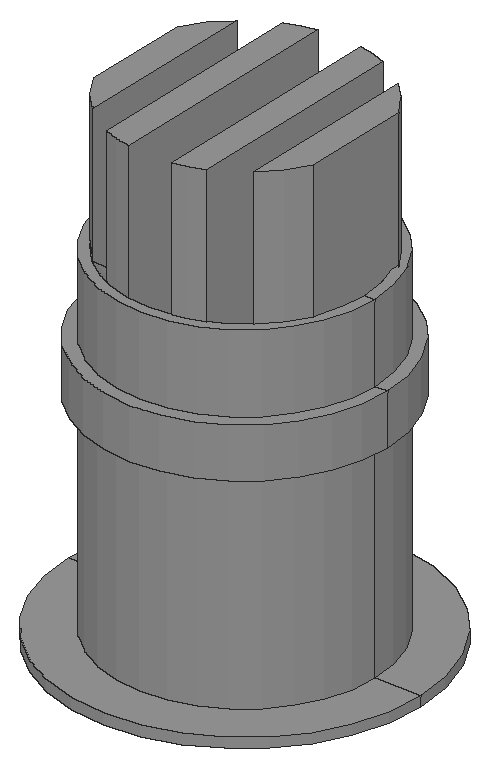
Revit family "Artemide_Everything_35", category Lighting Fixtures, Revit 2018
Family settings
  Round Connector Dimension = Use Diameter
  Part Type = Normal
  Work Plane-Based = Yes
  Always vertical = Yes
  Cut with Voids When Loaded = Yes
  Light Source = Yes
  Shared = No
  Room Calculation Point = No
Parameters (values of type "Everything_35_Round_14°_2700K_Black_NL4203010Y004")
  Wattage = 1.4 W
  built-in parameter 1150110 = 1 (stored number, unit not read)
  Voltage = "-"
  V_Square = no
  V_Round = yes
  built-in parameter 1114217 = 1 (stored number, unit not read)
  Tilt Angle = 90.00°
  built-in parameter 1150109 = 1 (stored number, unit not read)
  built-in parameter 1150134 = (empty or 0)
  built-in parameter 1150113 = 1 (stored number, unit not read)
  Radius_RoundVoidReal = if(V_Square, 0.3 mm, Radius_RoundVoid)  # 14.2 mm
  Radius_RoundVoid = 14.2 mm
  Product Range = "Everything"
  Photometric Web File = "NL4203010Y004.IES"
  built-in parameter 1150142 = "IESNA:LM-63-2002\r\n[TEST] FTS1602928\r\n[TESTLAB] ARTEMIDE\r\n[TESTDATE] 18 Feb 2015\r\n[ISSUEDATE] 18 Feb 2015\r\n[MANUFAC] ARTEMIDE\r\n[LUMCAT] NL4203010Y004\r\n[LUMINAIRE] Everything 35 round 14° - cornice nera- 2700K\r\n[FLASHAREA] 0.000092\r\n[LAMPCAT] LED Flux=90lm  LED Power=1,4W Eff=74% EfcLed=64lm/W EfcLum=48lm/W Ra=90 SDCM=2 L70(6K)=39300\r\n[LAMP] LED Flux=90lm  LED Power=1,4W Eff=74% EfcLed=64lm/W EfcLum=48lm/W Ra=90 SDCM=2 L70(6K)=39300\r\nTILT=NONE\r\n1 66.60 1.0 91 1 1 2 -0.022 -0.022 0.000\r\n1.00 1.00 1.40\r\n0.00 1.00 2.00 3.00 4.00 5.00 6.00 7.00 8.00 9.00 10.00 \r\n11.00 12.00 13.00 14.00 15.00 16.00 17.00 18.00 19.00 \r\n20.00 21.00 22.00 23.00 24.00 25.00 26.00 27.00 28.00 \r\n29.00 30.00 31.00 32.00 33.00 34.00 35.00 36.00 37.00 \r\n38.00 39.00 40.00 41.00 42.00 43.00 44.00 45.00 46.00 \r\n47.00 48.00 49.00 50.00 51.00 52.00 53.00 54.00 55.00 \r\n56.00 57.00 58.00 59.00 60.00 61.00 62.00 63.00 64.00 \r\n65.00 66.00 67.00 68.00 69.00 70.00 71.00 72.00 73.00 \r\n74.00 75.00 76.00 77.00 78.00 79.00 80.00 81.00 82.00 \r\n83.00 84.00 85.00 86.00 87.00 88.00 89.00 90.00 \r\n0.00 \r\n911.43 896.83 852.69 783.96 699.87 607.77 512.89 418.66 \r\n329.79 250.90 186.96 137.12 99.41 72.56 53.54 40.91 32.22 \r\n26.28 22.30 19.51 17.55 15.98 14.59 13.41 12.32 11.27 \r\n10.30 9.38 8.46 7.62 6.80 6.14 5.49 4.89 4.29 3.73 3.23 \r\n2.76 2.36 1.95 1.56 1.20 0.90 0.69 0.54 0.47 0.40 0.34 \r\n0.27 0.22 0.17 0.12 0.07 0.04 0.02 0.01 0.00 0.00 0.00 \r\n0.00 0.00 0.00 0.00 0.00 0.00 0.00 0.00 0.00 0.00 0.00 \r\n0.00 0.00 0.00 0.00 0.00 0.00 0.00 0.00 0.00 0.00 0.00 \r\n0.00 0.00 0.00 0.00 0.00 0.00 0.00 0.00 0.00 0.00 \r\n"
  Max Height from ceiling = 0 mm
  M_StructuralHousing = Artemide_Aluminum_Black
  M_Louvre = Artemide_Aluminum_Black
  M_HousingLed = Artemide_Aluminum_Black
  M_Diffuser = Artemide_Glass_LightBulb
  built-in parameter 1150105 = 470.91 (stored number, unit not read)
  Lumens = 98.28 lm
  built-in parameter 1150115 = 1 (stored number, unit not read)
  built-in parameter 1150137 = (empty or 0)
  built-in parameter 1150139 = (empty or 0)
  built-in parameter 1150112 = 1 (stored number, unit not read)
  built-in parameter 1150114 = 1 (stored number, unit not read)
  built-in parameter 1150132 = (empty or 0)
  built-in parameter 1150102 = (empty or 0)
  built-in parameter 1150107 = 2700 (stored number, unit not read)
  built-in parameter 1150138 = (empty or 0)
  built-in parameter 1150106 = 4.7091 (stored number, unit not read)
  IfcExportType = "NOT DEFINED"  # constant formula
  IfcExportAs = "IfcLightFixtureType"  # constant formula
  Weekly = "-"
  Warranty ID = "https://cloud.artemide.com/5-years-warranty"
  Upward Component  = 0
  Unified Glare Rating  = "-"
  Uniclass 2015 = "Pr_70_70_48"  # constant formula
  URL to O&M Manual = "https://www.artemide.com/contents/documenti/prodotto/everything_35_instructions4341241.pdf"
  URL to Energy Technology List = "-"
  Trim Material = "-"
  Trim Finish = "-"
  Trim Colour  = "-"
  Total Power = 0
  Total Light Output  = 0
  Testing method = "-"
  Supply Phase = 0
  Suitable for Photocell Control = "-"
  Suitable for Motion Detector Control = "N"
  Suitable for Dimming  = "-"
  Suitable Dimmer Type = "-"
  Standards = "-"
  Shipping Weight = 0
  Service life  = "-"
  Secondary Rated Lamp Life = 0
  Secondary Lamp Voltage = 0
  Secondary Lamp International Type Code = "-"
  Secondary Lamp Initial Lumens  = 0
  Secondary Lamp Included = "-"
  Secondary Lamp Efficacy = 0
  Secondary Lamp Colour Temperature = 0
  Secondary Lamp Colour Rendering Index = 0
  Secondary Lamp Cap = "-"
  Secondary Lamp = "N"
  Responsible Sourcing of Materials = "-"
  Responsible Extraction of Materials = "-"
  Reflector Material = "-"
  Reflector Finish = "-"
  Rated Lamp Life = 78600
  Quarterly = "-"
  Product Model Number = "NL4203010Y004"
  Product Literature = "https://www.artemide.com/it/subfamily/2398190/everything-35"
  Primary Lamp Type = "LED"
  Power Supply Kit = "-"
  Power Factor = 0
  Photocell = "-"
  Overall Width = 0
  Overall Light Output Ratio = 0
  Overall Length = 35
  Overall Height = 48
  Output Lumens Indirect light = 0
  Output Lumens Direct light = 67
  Number of Secondary Lamps = 0
  Number of Primary Lamps = 1
  Number of Poles = 0
  Motion Sensor = "-"
  Motion Detector = "-"
  Monthly = "-"
  Minimum Operating Temperature = 0
  Maximum Operating Temperature = 0
  Material Ingredient Reporting = "-"
  Manufacturer Website = "https://www.artemide.com"
  Manufacturer = "Artemide"
  Maintenance Required: 8001-12000hrs  = "-"
  Maintenance Required: 601-1000hrs = "-"
  Maintenance Required: 4001-8000hrs  = "-"
  Maintenance Required: 301-600hrs  = "-"
  Maintenance Required: 2001-4000hrs  = "-"
  Maintenance Required: 1001-2000hrs  = "-"
  Maintenance Required: 0-300hrs  = "-"
  Luminance at 65deg Angle = 0
  Luminaire Type = "Floodlight"
  Luminaire Maintenance Factor = 0
  Luminaire Cleaning Interval  = "-"
  Louvre/Lens = "-"
  Location of Manufacturer = "-"
  Light Output Pattern = "-"
  Light Fixture Mounting Type = "Recessed"
  Life Cycle Analysis = "-"
  Lamp Survival Factor = "-"
  Lamp Replacement Interval = "-"
  Lamp Included = "Y"
  Lamp Holder Material = "-"
  Lamp Cap = "LED Integrated"
  LED lifetime = 78600
  LED Maintained Colour Variation         = 0
  LED Initial Colour Variation                      = 0
  International Type Code = "-"
  Intended Market = "Unset"
  Integral Fuse or Circuit Protection  = "-"
  Integral Emergency Lighting Battery Type = "-"
  Input Lumens Indirect light = 0
  Input Lumens Direct light = 90
  Initial Lumens = 67
  Infills = "-"
  IP Rating = "IP20"
  IK Rating = "-"
  IES Files  = "https://www.artemide.com/product/downloadFile/4341465/ieseu/4917147"
  Housing Material = "Aluminium"
  Housing Finish  = "Painted"
  Housing Colour  = "Black"
  Hazardous Area Protection Type = "-"
  Hazardous Area Category = "-"
  Gross Weight = 0
  Green Guide for Specification = "-"
  Gasket Material = "-"
  Frequency  = 0
  Fixings = "-"
  Fixing Material = "-"
  Fire Shroud = "-"
  Fire Rating Duration = 0
  Fire Rated Temperature = 0
  Fire Rated = "-"
  Features = "Any additional components/accessories included in this file are required to complete the product/configuration and must be ordered separately.Please check the catalogue/dedicated brochure for more information"
  Face Width = 0
  Face Shape = "Round"
  Face Length = 0
  External Control Line Voltage = 0
  Expected Life = "-"
  Environmental Product Declaration = "-"
  End Caps/Transition Caps/Joints = "-"
  Emit from Circle Diameter = 19 mm
  Emit Shape Visible in Rendering = no
  Emergency light output percentage = 0
  Emergency Lighting Battery = "-"
  Emergency Charging Power       = 0
  Emergency = "N"
  Embodied Carbon  = 0
  Efficiency = 78
  built-in parameter 1150104 = 6.5218 (stored number, unit not read)
  Earth Point  = "-"
  ENEC Certification of European conformity = "N"
  Duration of Integral Emergency Lighting  = 0
  Drive Current                                          = 0
  Downward Component = 0
  Distance_SquareVoidReal = if(V_Round, 0.8 mm, Distance_SquareVoid)  # 0.8 mm
  Distance_SquareVoid = 24.881 mm
  Dimming Lamp Color Temperature Shift = <None>
  Diffusing screen = "-"
  Diffuser Material  = "-"
  Diffuser Finish = "-"
  Designed by = "Ernesto Gismondi"
  Default Elevation = 1219.2 mm
  Daylight Sensor = "-"
  Daily = "-"
  Cut Out Width = 29
  Cut Out Length = 48
  Current  = 0
  Control Gear Type = "-"
  Control Gear Standby Power  = 0
  Control Gear Required = "-"
  Control Gear Location = "-"
  Column = "-"
  Colour Temperature = 2700
  Colour Rendering Index = 90
  Color Filter = 16777215
  Cable Material = "-"
  CE Approval = "Y"
  Bespoke Timeframe = "-"
  Beam Angle Transverse Axis  = 0.00°
  Beam Angle Longditudinal Axis  = 0.00°
  Basis of lifetime luminaire failures        = 0
  Basis of lifetime lumen depreciation   = 0
  built-in parameter 1114218 = 1 (stored number, unit not read)
  built-in parameter 1150133 = 10 (stored number, unit not read)
  Application Environment = "Internal"
  Annually = "-"
  Ambient Temperature                             = 0
  Air Handling = "-"
  Access Clearance Top = 0
  Access Clearance Right = 0
  Access Clearance Rear = 0
  Access Clearance Left = 0
  Access Clearance Front = 0
  Access Clearance Bottom = 0
  6 Monthly = "-"
Reference planes
  plane 1 "Center (Front/Back)": y = 0
  plane 2: z = 0
  plane 3 "Center (Left/Right)": x = 0
  plane 4: z = 47.25
  plane 5: z = 27.25
  plane 6: z = 26
  plane 7: z = 33.75
  plane 8: z = -1
  plane 9: x = -13
  plane 10: x = -17.5
  plane 11: z = 13.95
  plane 12: z = 10
  plane 13: x = -9.5
  plane 14: x = -5.35
  plane 15: x = -11.5
  plane 16: x = -11
  plane 17: x = 13
  plane 18: x = 17.5
  plane 19: x = 9.5
  plane 20: x = 5.35
  plane 21: x = 11.5
  plane 22: x = 11
  plane 23 "Light": z = 21
  plane 24: x = -14.25
  plane 25: x = 14.25
  plane 26: x = -11.75
  plane 27: x = -12
  plane 28: x = 11.75
  plane 29: x = 12
  plane 30: z = 9
  plane 31: y = 11
  plane 32: y = -11
  plane 33: y = 0.4
  plane 34: y = -0.4
  plane 35: x = -0.4
  plane 36: x = 0.4
Forms (mm)
  Revolve 1, solid, material "Artemide_Aluminum_Black" <- "M_Louvre", visible <- "V_Round"
    sketch origin (0, 0, 0) x (1, 0, 0) y (0, 0, 1)
      loop
        line (-11, -1) -> (-9.5, 9) -> (-9.5, 10) -> (-12, 10) -> (-12, 25.731) -> (-11.75, 26.5) -> (-11.75, 31.5) -> (-10.758, 31.5)
        arc (-10.758, 31.5) -> (-10.448, 31.701) -> (-10.504, 32.067) r 0.34
        line (-10.504, 32.067) -> (-12, 33.75) -> (-13, 33.75) -> (-13, 26) -> (-14.25, 26) -> (-14.25, 21) -> (-13, 21) -> (-13, 0) -> (-17.5, 0) -> (-17.5, -1) -> (-11, -1)
      axis (0, 33.75) -> (0, -1)
    angle from 0 to 360
  Revolve 2, solid, material "Artemide_Aluminum_Black" <- "M_HousingLed"
    sketch origin (0, 0, 0) x (1, 0, 0) y (0, 0, 1)
      loop
        line (-9.5, 10) -> (-9.5, 12.25) -> (-8.674, 12.25) -> (-3.65, 22.868) -> (-3.65, 24.05) -> (0, 24.05) -> (0, 26) -> (-5.35, 26) -> (-5.35, 23.25) -> (-9.75, 13.95) -> (-11.5, 13.95) -> (-11.5, 10) -> (-9.5, 10)
      axis (0, 26) -> (0, 10)
    angle from 0 to 360
  Revolve 3, solid, material "Artemide_Glass_LightBulb" <- "M_Diffuser"
    sketch origin (0, 0, 0) x (1, 0, 0) y (0, 0, 1)
      loop
        line (0, 9) -> (0, 10) -> (-9.5, 10) -> (-9.5, 9) -> (0, 9)
      axis (0, 10) -> (0, 9)
    angle from 0 to 360
  Extrusion 4, solid, material "Artemide_Aluminum_Black" <- "M_StructuralHousing"
    sketch origin (-10.103, -1524, 27.25) x (-1, 0, 0) y (0, -1, 0)
      loop
        arc (-2.103, -1533.05) -> (-0.462, -1531.39) -> (0.854, -1529.462) r 12.956
        line (0.854, -1529.462) -> (0.854, -1518.927)
        arc (0.854, -1518.927) -> (-0.445, -1516.881) -> (-2.103, -1515.112) r 12.956
        line (-2.103, -1515.112) -> (-2.103, -1533.05)
      loop
        line (-5.146, -1534.965) -> (-5.146, -1513.093)
        arc (-5.146, -1513.093) -> (-6.527, -1512.598) -> (-7.954, -1512.262) r 12.956
        line (-7.954, -1512.262) -> (-7.954, -1535.826)
        arc (-7.954, -1535.826) -> (-6.526, -1535.475) -> (-5.146, -1534.965) r 12.956
      loop
        line (-18.103, -1533.05) -> (-18.103, -1515.112)
        arc (-18.103, -1515.112) -> (-19.76, -1516.881) -> (-21.059, -1518.927) r 12.956
        line (-21.059, -1518.927) -> (-21.059, -1529.462)
        arc (-21.059, -1529.462) -> (-19.743, -1531.39) -> (-18.103, -1533.05) r 12.956
      loop
        arc (-15.059, -1534.965) -> (-13.679, -1535.475) -> (-12.251, -1535.826) r 12.956
        line (-12.251, -1535.826) -> (-12.251, -1512.262)
        arc (-12.251, -1512.262) -> (-13.678, -1512.598) -> (-15.059, -1513.093) r 12.956
        line (-15.059, -1513.093) -> (-15.059, -1534.965)
    from 0 to 20
  Revolve 5, solid, material "Artemide_Aluminum_Black" <- "M_Louvre", visible <- "V_Square"
    sketch origin (0, 0, 0) x (1, 0, 0) y (0, 0, 1)
      loop
        line (-13, 10) -> (-12, 10) -> (-12, 25.731) -> (-11.75, 26.5) -> (-11.75, 31.5) -> (-10.758, 31.5)
        arc (-10.758, 31.5) -> (-10.448, 31.701) -> (-10.504, 32.067) r 0.34
        line (-10.504, 32.067) -> (-12, 33.75) -> (-13, 33.75) -> (-13, 26) -> (-14.25, 26) -> (-14.25, 21) -> (-13, 21) -> (-13, 10)
      axis (0, 33.75) -> (0, 10)
    angle from 0 to 360
  Sweep 6, solid, material "Artemide_Aluminum_Black" <- "M_Louvre", visible <- "V_Square"
    path origin (0, 0, 0) x (1, 0, 0) y (0, 1, 0)
      loop
        line (-11, 11) -> (-11, -11) -> (11, -11) -> (11, 11) -> (-11, 11)
    profile origin (0, 11, 0) x (0, 1, 0) y (0, 0, 1)
      loop
        arc (-0.831, 7.737) -> (-0.336, 3.376) -> (0, -1) r 120.642
        line (0, -1) -> (6.504, -1) -> (6.504, 0) -> (1.441, 0)
        arc (1.441, 0) -> (1.006, 5.011) -> (0.366, 10) r 122.142
        line (0.366, 10) -> (-1.5, 10) -> (-1.5, 9)
        arc (-1.5, 9) -> (-1.079, 8.415) -> (-0.831, 7.737) r 2.658
  Revolve 7, solid, material "Artemide_Aluminum_Black" <- "M_Louvre", visible <- "V_Square"
    sketch origin (0, 0, 0) x (1, 0, 0) y (0, 0, 1)
      loop
        line (-13, 10) -> (-13, 9) -> (-9.5, 9) -> (-9.5, 10) -> (-13, 10)
      axis (0, 10) -> (0, 9)
    angle from 0 to 360
  Extrusion 8, void
    sketch origin (0, 0, 0) x (1, 0, 0) y (0, 1, 0)
      loop
        circle (0, 0) r 14.2
    from 0 to 47.25
  Extrusion 9, void
    sketch origin (0, 0, 0) x (1, 0, 0) y (0, 1, 0)
      loop
        line (-0.4, 0.4) -> (-0.4, -0.4) -> (0.4, -0.4) -> (0.4, 0.4) -> (-0.4, 0.4)
    from 0 to 47.25
Cuts and joins
  joined: Revolve 5, Revolve 7
Dimensions and locks
  locked: plane 4 to plane 2 at 47.25
  locked: plane 2 to plane 8 at 1
  plane 4 to plane 7 to plane 5 to plane 6 to plane 23 "Light" to plane 11 to plane 12 to plane 30 = 13.5 mm locked, 6.5 mm locked, 1.25 mm locked, 5 mm locked, 7.05 mm locked, 3.95 mm locked, 1 mm locked
  locked: plane 3 "Center (Left/Right)" to plane 10 at 17.5
  plane 14 to plane 13 to plane 16 to plane 15 to plane 26 to plane 27 to plane 9 to plane 24 to plane 10 = 4.15 mm locked, 1.5 mm locked, 0.5 mm locked, 0.25 mm locked, 0.25 mm locked, 1 mm locked, 1.25 mm locked, 3.25 mm locked
  locked: plane 3 "Center (Left/Right)" to plane 18 at 17.5
  plane 20 to plane 19 to plane 22 to plane 21 to plane 28 to plane 29 to plane 17 to plane 25 to plane 18 = 4.15 mm locked, 1.5 mm locked, 0.5 mm locked, 0.25 mm locked, 0.25 mm locked, 1 mm locked, 1.25 mm locked, 3.25 mm locked
  plane 28 to plane 29 = 0.25 mm
  plane 31 to plane 1 "Center (Front/Back)" to plane 32 = 11 mm locked, 11 mm locked
  equal spacing: plane 34, plane 1 "Center (Front/Back)", plane 33
  "Distance_SquareVoidReal": plane 33 to plane 34
  equal spacing: plane 35, plane 3 "Center (Left/Right)", plane 36
  "Distance_SquareVoidReal": plane 35 to plane 36
  "Radius_RoundVoidReal": radius of Extrusion 8 sketch curve
  aligned and locked: level to plane 2
  aligned and locked: plane 10 to Revolve 1 sketch curve
  aligned and locked: plane 8 to Revolve 1 sketch curve
  aligned and locked: Revolve 1 sketch curve to plane 2
  aligned and locked: plane 9 to Revolve 1 sketch curve  (x2)
  aligned and locked: plane 23 "Light" to Revolve 1 sketch curve
  aligned and locked: plane 24 to Revolve 1 sketch curve
  aligned and locked: Revolve 1 sketch curve to plane 6
  aligned and locked: Revolve 1 sketch curve to plane 7
  aligned and locked: Revolve 1 sketch curve to plane 26
  aligned and locked: Revolve 1 sketch curve to plane 27
  aligned and locked: Revolve 1 sketch curve to plane 12
  aligned and locked: Revolve 1 sketch curve to plane 13
  aligned and locked: Revolve 1 sketch curve to plane 3 "Center (Left/Right)"
  aligned and locked: Revolve 2 sketch curve to plane 11
  aligned and locked: plane 15 to Revolve 2 sketch curve
  aligned and locked: plane 12 to Revolve 2 sketch curve
  aligned and locked: Revolve 2 sketch curve to plane 13
  aligned and locked: plane 14 to Revolve 2 sketch curve
  aligned and locked: Revolve 2 sketch curve to plane 6
  aligned and locked: Revolve 2 sketch curve to plane 3 "Center (Left/Right)"
  aligned and locked: plane 30 to Revolve 3 sketch curve
  aligned and locked: Revolve 3 sketch curve to plane 3 "Center (Left/Right)"  (x2)
  aligned and locked: Revolve 3 sketch curve to plane 12
  aligned and locked: plane 13 to Revolve 3 sketch curve
  aligned and locked: Extrusion 4 to plane 5
  aligned and locked: plane 4 to Extrusion 4
  aligned and locked: plane 16 to Sweep 6 sketch curve
  aligned and locked: Sweep 6 sketch curve to plane 31
  aligned and locked: plane 22 to Sweep 6 sketch curve
  aligned and locked: Sweep 6 sketch curve to plane 32
  aligned and locked: level to Sweep 6 sketch curve
  aligned and locked: Sweep 6 sketch curve to plane 8
  aligned and locked: plane 12 to Sweep 6 sketch curve
  aligned and locked: Revolve 5 sketch curve to plane 12
  aligned and locked: Revolve 7 sketch curve to plane 12
  aligned and locked: plane 30 to Revolve 7 sketch curve
  aligned and locked: Revolve 7 sketch curve to plane 13
  aligned and locked: plane 9 to Revolve 7 sketch curve
  aligned and locked: Revolve 7 sketch curve to plane 3 "Center (Left/Right)"
  aligned and locked: imposter light to plane 23 "Light"
  aligned and locked: imposter light to plane 1 "Center (Front/Back)"
  aligned and locked: plane 3 "Center (Left/Right)" to imposter light
  aligned and locked: plane 3 "Center (Left/Right)" to Extrusion 8 sketch curve
  aligned and locked: plane 1 "Center (Front/Back)" to Extrusion 8 sketch curve
  aligned and locked: Extrusion 8 to plane 2
  aligned and locked: plane 4 to Extrusion 8
  aligned and locked: Extrusion 9 sketch curve to plane 33
  aligned and locked: Extrusion 9 sketch curve to plane 36
  aligned and locked: Extrusion 9 sketch curve to plane 34
  aligned and locked: plane 35 to Extrusion 9 sketch curve
  aligned and locked: Extrusion 9 to plane 2
  aligned and locked: plane 4 to Extrusion 9
Automatic sketch dimensions
  Revolve 1 sketch curve to plane 27 = 0 mm
  Revolve 1 sketch curve to plane 16 = 0 mm
  Revolve 1 sketch curve to plane 30 = 0 mm
  plane 16 to Revolve 1 sketch curve = 0.242 mm  (x2)
  Revolve 1 sketch curve to Revolve 1 sketch curve = 0.254 mm
  Revolve 1 sketch curve to plane 6 = 0.269 mm
  plane 6 to Revolve 1 sketch curve = 0.5 mm
  Revolve 1 sketch curve to plane 7 = 2.25 mm
  Revolve 1 sketch curve to Revolve 1 sketch curve = 0 mm
  Revolve 1 sketch curve to Revolve 1 sketch curve = 0.34 mm
  Revolve 1 sketch curve to plane 8 = 365.045 mm
  plane 4 to Revolve 1 sketch curve = 2167.065 mm
  Revolve 2 sketch curve to plane 3 "Center (Left/Right)" = 0 mm
  Revolve 2 sketch curve to plane 13 = 0.25 mm
  Revolve 2 sketch curve to Revolve 2 sketch curve = 0.826 mm
  plane 14 to Revolve 2 sketch curve = 1.7 mm
  Revolve 2 sketch curve to plane 11 = 1.7 mm
  plane 23 "Light" to Revolve 2 sketch curve = 1.868 mm
  Revolve 2 sketch curve to Revolve 2 sketch curve = 0.382 mm
  Revolve 2 sketch curve to Revolve 2 sketch curve = 1.182 mm
  Revolve 2 sketch curve to plane 8 = 365.045 mm
  plane 4 to Revolve 2 sketch curve = 2167.065 mm
  Revolve 3 sketch curve to plane 8 = 365.045 mm
  plane 4 to Revolve 3 sketch curve = 2167.065 mm
  plane 22 to Extrusion 4 sketch curve = 0.044 mm
  plane 19 to Extrusion 4 sketch curve = 1.5 mm
  Extrusion 4 sketch curve to plane 31 = 0.035 mm  (x2)
  plane 20 to Extrusion 4 sketch curve = 0.394 mm
  plane 31 to Extrusion 4 sketch curve = 0.826 mm  (x2)
  plane 3 "Center (Left/Right)" to Extrusion 4 sketch curve = 2.148 mm
  plane 3 "Center (Left/Right)" to Extrusion 4 sketch curve = 0.585 mm
  plane 3 "Center (Left/Right)" to Extrusion 4 sketch curve = 0.358 mm
  Extrusion 4 sketch curve to Extrusion 4 sketch curve = 0.137 mm  (x2)
  plane 3 "Center (Left/Right)" to Extrusion 4 sketch curve = 0.102 mm
  Extrusion 4 sketch curve to plane 3 "Center (Left/Right)" = 0.102 mm
  Extrusion 4 sketch curve to plane 3 "Center (Left/Right)" = 0.221 mm
  Extrusion 4 sketch curve to Extrusion 4 sketch curve = 0.483 mm
  Extrusion 4 sketch curve to plane 3 "Center (Left/Right)" = 2.148 mm
  Extrusion 4 sketch curve to plane 32 = 0.093 mm  (x2)
  plane 14 to Extrusion 4 sketch curve = 0.394 mm
  plane 13 to Extrusion 4 sketch curve = 1.5 mm
  plane 16 to Extrusion 4 sketch curve = 0.044 mm
  Extrusion 4 sketch curve to plane 31 = 1.95 mm  (x2)
  Extrusion 4 sketch curve to Extrusion 4 sketch curve = 3.587 mm  (x2)
  Extrusion 4 sketch curve to plane 1 "Center (Front/Back)" = 1.021 mm
  Extrusion 4 sketch curve to Extrusion 4 sketch curve = 0 mm
  Extrusion 4 sketch curve to Extrusion 4 sketch curve = 0.205 mm  (x2)
  plane 1 "Center (Front/Back)" to Extrusion 4 sketch curve = 5.073 mm  (x2)
  Revolve 5 sketch curve to plane 6 = 0 mm
  Revolve 5 sketch curve to plane 24 = 0 mm
  Revolve 5 sketch curve to plane 9 = 0 mm  (x2)
  Revolve 5 sketch curve to plane 27 = 0 mm  (x2)
  Revolve 5 sketch curve to plane 7 = 0 mm
  Revolve 5 sketch curve to plane 26 = 0 mm
  Revolve 5 sketch curve to plane 3 "Center (Left/Right)" = 0 mm
  Revolve 5 sketch curve to plane 23 "Light" = 0 mm
  plane 16 to Revolve 5 sketch curve = 0.242 mm  (x2)
  Revolve 5 sketch curve to Revolve 5 sketch curve = 0.254 mm
  Revolve 5 sketch curve to plane 6 = 0.269 mm
  plane 6 to Revolve 5 sketch curve = 0.5 mm
  Revolve 5 sketch curve to plane 7 = 2.25 mm
  Revolve 5 sketch curve to Revolve 5 sketch curve = 0 mm
  Revolve 5 sketch curve to Revolve 5 sketch curve = 0.34 mm
  Revolve 5 sketch curve to plane 8 = 365.045 mm
  plane 4 to Revolve 5 sketch curve = 2167.065 mm
  Sweep 6 sketch curve to Sweep 6 sketch curve = 0 mm  (x2)
  Sweep 6 sketch curve to profile plane = 0 mm
  profile plane to Sweep 6 sketch curve = 1.5 mm
  Sweep 6 sketch curve to Sweep 6 sketch curve = 1.927 mm
  Sweep 6 sketch curve to level = 8.044 mm
  Sweep 6 sketch curve to Sweep 6 sketch curve = 117.009 mm
  Sweep 6 sketch curve to profile plane = 0.366 mm
  Sweep 6 sketch curve to Sweep 6 sketch curve = 5.063 mm
  Sweep 6 sketch curve to Sweep 6 sketch curve = 2.83 mm
  Sweep 6 sketch curve to Sweep 6 sketch curve = 1 mm
  Revolve 7 sketch curve to plane 8 = 365.045 mm
  plane 4 to Revolve 7 sketch curve = 2167.065 mm
Types (24, lengths in mm): name | Wattage | V_Square | V_Round | Radius_RoundVoidReal | Photometric Web File | built-in parameter 1150142 | M_Louvre | M_HousingLed | built-in parameter 1150105 | Lumens | built-in parameter 1150107 | built-in parameter 1150106 | Product Model Number | Overall Width | Output Lumens Direct light | Input Lumens Direct light | Initial Lumens | IES Files  | Housing Colour  | Face Shape | Efficiency | built-in parameter 1150104 | Distance_SquareVoidReal | Colour Temperature
  Everything_35_Round_14°_3000K_White_NL4203010K006 | 1.4 W | no | yes | 14.2 | "NL4203010K006.IES" | "IESNA:LM-63-2002\r\n[TEST] FTS1500185\r\n[TESTLAB] ARTEMIDE\r\n[TESTDATE] 18 Feb 2015\r\n[ISSUEDATE] 18 Feb 2015\r\n[MANUFAC] ARTEMIDE\r\n[LUMCAT] NL4203010K006\r\n[LUMINAIRE] Everything 35 round 14° - cornice bianca- 3000K\r\n[FLASHAREA] 0.000092\r\n[LAMPCAT] 3000K - Imax=11793 cd/klm - LED Flux=126 lm - LED Power=1.4 W - Eff=78 % - EfcLED=90 lm/W - EfcLum=70 lm/W - Ra=80 min - SDCM=4 - Life=L70(6K)>39,300 ore\r\n[LAMP] 3000K - Imax=11793 cd/klm - LED Flux=126 lm - LED Power=1.4 W - Eff=78 % - EfcLED=90 lm/W - EfcLum=70 lm/W - Ra=80 min - SDCM=4 - Life=L70(6K)>39,300 ore\r\nTILT=NONE\r\n1 98.00 1.0 91 1 1 2 -0.022 -0.022 0.000\r\n1.00 1.00 1.40\r\n0.00 1.00 2.00 3.00 4.00 5.00 6.00 7.00 8.00 9.00 10.00 \r\n11.00 12.00 13.00 14.00 15.00 16.00 17.00 18.00 19.00 \r\n20.00 21.00 22.00 23.00 24.00 25.00 26.00 27.00 28.00 \r\n29.00 30.00 31.00 32.00 33.00 34.00 35.00 36.00 37.00 \r\n38.00 39.00 40.00 41.00 42.00 43.00 44.00 45.00 46.00 \r\n47.00 48.00 49.00 50.00 51.00 52.00 53.00 54.00 55.00 \r\n56.00 57.00 58.00 59.00 60.00 61.00 62.00 63.00 64.00 \r\n65.00 66.00 67.00 68.00 69.00 70.00 71.00 72.00 73.00 \r\n74.00 75.00 76.00 77.00 78.00 79.00 80.00 81.00 82.00 \r\n83.00 84.00 85.00 86.00 87.00 88.00 89.00 90.00 \r\n0.00 \r\n1155.74 1141.36 1095.89 1017.93 916.93 803.12 684.88 \r\n565.21 452.96 354.57 274.06 209.10 157.23 118.15 89.33 \r\n68.71 53.86 43.40 36.19 31.05 27.41 24.60 22.30 20.42 \r\n18.79 17.36 16.00 14.72 13.55 12.41 11.38 10.45 9.57 8.78 \r\n7.97 7.12 6.34 5.60 4.94 4.35 3.75 3.23 2.76 2.38 2.21 \r\n2.04 1.94 1.85 1.76 1.67 1.59 1.51 1.44 1.38 1.31 1.23 \r\n1.17 1.11 1.06 0.99 0.87 0.75 0.66 0.58 0.51 0.48 0.46 \r\n0.41 0.33 0.17 0.08 0.00 0.00 0.00 0.00 0.00 0.00 0.00 \r\n0.00 0.00 0.00 0.00 0.00 0.00 0.00 0.00 0.00 0.00 0.00 \r\n0.00 0.00 \r\n" | Artemide_Aluminum_White | Artemide_Aluminum_White | 1618 (stored number, unit not read) | 137.2 lm | 3000 (stored number, unit not read) | 16.18 (stored number, unit not read) | "NL4203010K006" | 0 | 98 | 126 | 98 | "https://www.artemide.com/product/downloadFile/2366517/ieseu/4917203" | "White" | "Round" | 78 | 9.1045 (stored number, unit not read) | 0.8 | 3000
  Everything_35_Square_14°_3000K_White_NL4203110K006 | 9.2903 W | yes | no | 0.3 | "NL4203110K006.IES" | "IESNA:LM-63-2002\r\n[TEST] FTS1500285\r\n[TESTLAB] ARTEMIDE\r\n[TESTDATE] 18 Feb 2015\r\n[ISSUEDATE] 18 Feb 2015\r\n[MANUFAC] ARTEMIDE\r\n[LUMCAT] NL4203110K006\r\n[LUMINAIRE] Everything 35 square 14° - cornice bianca- 3000K\r\n[FLASHAREA] 0.000092\r\n[LAMPCAT] 3000K - Imax=11793 cd/klm - LED Flux=126 lm - LED Power=1.4 W - Eff=78 % - EfcLED=90 lm/W - EfcLum=70 lm/W - Ra=80 min - SDCM=4 - Life=L70(6K)>39,300 ore\r\n[LAMP] 3000K - Imax=11793 cd/klm - LED Flux=126 lm - LED Power=1.4 W - Eff=78 % - EfcLED=90 lm/W - EfcLum=70 lm/W - Ra=80 min - SDCM=4 - Life=L70(6K)>39,300 ore\r\nTILT=NONE\r\n1 98.00 1.0 91 1 1 2 -0.022 -0.022 0.000\r\n1.00 1.00 1.40\r\n0.00 1.00 2.00 3.00 4.00 5.00 6.00 7.00 8.00 9.00 10.00 \r\n11.00 12.00 13.00 14.00 15.00 16.00 17.00 18.00 19.00 \r\n20.00 21.00 22.00 23.00 24.00 25.00 26.00 27.00 28.00 \r\n29.00 30.00 31.00 32.00 33.00 34.00 35.00 36.00 37.00 \r\n38.00 39.00 40.00 41.00 42.00 43.00 44.00 45.00 46.00 \r\n47.00 48.00 49.00 50.00 51.00 52.00 53.00 54.00 55.00 \r\n56.00 57.00 58.00 59.00 60.00 61.00 62.00 63.00 64.00 \r\n65.00 66.00 67.00 68.00 69.00 70.00 71.00 72.00 73.00 \r\n74.00 75.00 76.00 77.00 78.00 79.00 80.00 81.00 82.00 \r\n83.00 84.00 85.00 86.00 87.00 88.00 89.00 90.00 \r\n0.00 \r\n1155.74 1141.36 1095.89 1017.93 916.93 803.12 684.88 \r\n565.21 452.96 354.57 274.06 209.10 157.23 118.15 89.33 \r\n68.71 53.86 43.40 36.19 31.05 27.41 24.60 22.30 20.42 \r\n18.79 17.36 16.00 14.72 13.55 12.41 11.38 10.45 9.57 8.78 \r\n7.97 7.12 6.34 5.60 4.94 4.35 3.75 3.23 2.76 2.38 2.21 \r\n2.04 1.94 1.85 1.76 1.67 1.59 1.51 1.44 1.38 1.31 1.23 \r\n1.17 1.11 1.06 0.99 0.87 0.75 0.66 0.58 0.51 0.48 0.46 \r\n0.41 0.33 0.17 0.08 0.00 0.00 0.00 0.00 0.00 0.00 0.00 \r\n0.00 0.00 0.00 0.00 0.00 0.00 0.00 0.00 0.00 0.00 0.00 \r\n0.00 0.00 \r\n" | Artemide_Aluminum_White | Artemide_Aluminum_White | 72.451 (stored number, unit not read) | 910.45 lm | 3000 (stored number, unit not read) | 0.72451 (stored number, unit not read) | "NL4203110K006" | 35 | 98 | 126 | 98 | "https://www.artemide.com/product/downloadFile/2367613/ieseu/4916449" | "White" | "Square" | 78 | 9.1045 (stored number, unit not read) | 24.881 | 3000
  Everything_35_Round_14°_3000K_Black_NL4203010K004 | 1.4 W | no | yes | 14.2 | "NL4203010K004.IES" | "IESNA:LM-63-2002\r\n[TEST] FTS1500193\r\n[TESTLAB] ARTEMIDE\r\n[TESTDATE] 18 Feb 2015\r\n[ISSUEDATE] 18 Feb 2015\r\n[MANUFAC] ARTEMIDE\r\n[LUMCAT] NL4203010K004\r\n[LUMINAIRE] Everything 35 round 14° - cornice nera- 3000K\r\n[FLASHAREA] 0.000092\r\n[LAMPCAT] 3000K - Imax=13742 cd/klm - LED Flux=126 lm - LED Power=1.4 W - Eff=74 % - EfcLED=90 lm/W - EfcLum=66 lm/W - Ra=80 min - SDCM=4 - Life=L70(6K)>39,300 ore\r\n[LAMP] 3000K - Imax=13742 cd/klm - LED Flux=126 lm - LED Power=1.4 W - Eff=74 % - EfcLED=90 lm/W - EfcLum=66 lm/W - Ra=80 min - SDCM=4 - Life=L70(6K)>39,300 ore\r\nTILT=NONE\r\n1 93.39 1.0 91 1 1 2 -0.022 -0.022 0.000\r\n1.00 1.00 1.40\r\n0.00 1.00 2.00 3.00 4.00 5.00 6.00 7.00 8.00 9.00 10.00 \r\n11.00 12.00 13.00 14.00 15.00 16.00 17.00 18.00 19.00 \r\n20.00 21.00 22.00 23.00 24.00 25.00 26.00 27.00 28.00 \r\n29.00 30.00 31.00 32.00 33.00 34.00 35.00 36.00 37.00 \r\n38.00 39.00 40.00 41.00 42.00 43.00 44.00 45.00 46.00 \r\n47.00 48.00 49.00 50.00 51.00 52.00 53.00 54.00 55.00 \r\n56.00 57.00 58.00 59.00 60.00 61.00 62.00 63.00 64.00 \r\n65.00 66.00 67.00 68.00 69.00 70.00 71.00 72.00 73.00 \r\n74.00 75.00 76.00 77.00 78.00 79.00 80.00 81.00 82.00 \r\n83.00 84.00 85.00 86.00 87.00 88.00 89.00 90.00 \r\n0.00 \r\n1278.05 1257.58 1195.68 1099.31 981.39 852.25 719.20 \r\n587.06 462.45 351.83 262.17 192.28 139.40 101.75 75.08 \r\n57.36 45.18 36.85 31.27 27.35 24.61 22.41 20.46 18.81 \r\n17.27 15.81 14.44 13.15 11.86 10.68 9.54 8.61 7.70 6.86 \r\n6.02 5.24 4.53 3.87 3.31 2.74 2.19 1.68 1.26 0.97 0.76 \r\n0.66 0.56 0.47 0.38 0.31 0.24 0.17 0.10 0.05 0.03 0.01 \r\n0.00 0.00 0.00 0.00 0.00 0.00 0.00 0.00 0.00 0.00 0.00 \r\n0.00 0.00 0.00 0.00 0.00 0.00 0.00 0.00 0.00 0.00 0.00 \r\n0.00 0.00 0.00 0.00 0.00 0.00 0.00 0.00 0.00 0.00 0.00 \r\n0.00 0.00 \r\n" | Artemide_Aluminum_Black | Artemide_Aluminum_Black | 1618 (stored number, unit not read) | 137.2 lm | 3000 (stored number, unit not read) | 16.18 (stored number, unit not read) | "NL4203010K004" | 0 | 93 | 126 | 93 | "https://www.artemide.com/product/downloadFile/2366775/ieseu/4916653" | "Black" | "Round" | 78 | 9.1045 (stored number, unit not read) | 0.8 | 3000
  Everything_35_Round_14°_3000K_Silver_NL4203010K002 | 1.4 W | no | yes | 14.2 | "NL4203010K002.IES" | "IESNA:LM-63-2002\r\n[TEST] FTS1500189\r\n[TESTLAB] ARTEMIDE\r\n[TESTDATE] 18 Feb 2015\r\n[ISSUEDATE] 18 Feb 2015\r\n[MANUFAC] ARTEMIDE\r\n[LUMCAT] NL4203010K002\r\n[LUMINAIRE] Everything 35 round 14° - cornice grigia- 3000K\r\n[FLASHAREA] 0.000092\r\n[LAMPCAT] 3000K - Imax=11434 cd/klm - LED Flux=126 lm - LED Power=1.4 W - Eff=76 % - EfcLED=90 lm/W - EfcLum=70 lm/W - Ra=80 min - SDCM=4 - Life=L70(6K)>39,300 ore\r\n[LAMP] 3000K - Imax=11434 cd/klm - LED Flux=126 lm - LED Power=1.4 W - Eff=76 % - EfcLED=90 lm/W - EfcLum=70 lm/W - Ra=80 min - SDCM=4 - Life=L70(6K)>39,300 ore\r\nTILT=NONE\r\n1 96.00 1.0 91 1 1 2 -0.022 -0.022 0.000\r\n1.00 1.00 1.40\r\n0.00 1.00 2.00 3.00 4.00 5.00 6.00 7.00 8.00 9.00 10.00 \r\n11.00 12.00 13.00 14.00 15.00 16.00 17.00 18.00 19.00 \r\n20.00 21.00 22.00 23.00 24.00 25.00 26.00 27.00 28.00 \r\n29.00 30.00 31.00 32.00 33.00 34.00 35.00 36.00 37.00 \r\n38.00 39.00 40.00 41.00 42.00 43.00 44.00 45.00 46.00 \r\n47.00 48.00 49.00 50.00 51.00 52.00 53.00 54.00 55.00 \r\n56.00 57.00 58.00 59.00 60.00 61.00 62.00 63.00 64.00 \r\n65.00 66.00 67.00 68.00 69.00 70.00 71.00 72.00 73.00 \r\n74.00 75.00 76.00 77.00 78.00 79.00 80.00 81.00 82.00 \r\n83.00 84.00 85.00 86.00 87.00 88.00 89.00 90.00 \r\n0.00 \r\n1097.65 1084.24 1044.44 978.02 889.09 785.14 673.98 \r\n560.94 454.48 359.86 281.54 216.68 164.35 124.13 94.13 \r\n72.37 56.70 45.18 37.18 31.58 27.59 24.64 22.12 20.12 \r\n18.36 16.83 15.48 14.18 12.98 11.88 10.86 9.93 9.08 8.25 \r\n7.40 6.58 5.76 5.05 4.37 3.75 3.17 2.64 2.14 1.82 1.63 \r\n1.48 1.37 1.26 1.16 1.06 0.97 0.89 0.81 0.73 0.65 0.58 \r\n0.53 0.49 0.39 0.30 0.20 0.10 0.00 0.00 0.00 0.00 0.00 \r\n0.00 0.00 0.00 0.00 0.00 0.00 0.00 0.00 0.00 0.00 0.00 \r\n0.00 0.00 0.00 0.00 0.00 0.00 0.00 0.00 0.00 0.00 0.00 \r\n0.00 0.00 \r\n" | Artemide_Aluminum_BrushedSilver | Artemide_Aluminum_BrushedSilver | 1618 (stored number, unit not read) | 137.2 lm | 3000 (stored number, unit not read) | 16.18 (stored number, unit not read) | "NL4203010K002" | 0 | 96 | 126 | 96 | "https://www.artemide.com/product/downloadFile/2366854/ieseu/4916451" | "Silver" | "Round" | 78 | 9.1045 (stored number, unit not read) | 0.8 | 3000
  Everything_35_Round_24°_3000K_White_NL4203025K006 | 1.4 W | no | yes | 14.2 | "NL4203025K006.IES" | "IESNA:LM-63-2002\r\n[TEST] FTS1500187\r\n[TESTLAB] ARTEMIDE\r\n[TESTDATE] 19 Feb 2015\r\n[ISSUEDATE] 19 Feb 2015\r\n[MANUFAC] ARTEMIDE\r\n[LUMCAT] NL4203025K006\r\n[LUMINAIRE] Everything 35 round 24° - cornice bianca - 3000K\r\n[FLASHAREA] 0.000092\r\n[LAMPCAT] 3000K - Imax=4792 cd/klm - LED Flux=126 lm - LED Power=1.4 W - Eff=78 % - EfcLED=90 lm/W - EfcLum=70 lm/W - Ra=80 min - SDCM=4 - Life=L70(6K)>39,300 ore\r\n[LAMP] 3000K - Imax=4792 cd/klm - LED Flux=126 lm - LED Power=1.4 W - Eff=78 % - EfcLED=90 lm/W - EfcLum=70 lm/W - Ra=80 min - SDCM=4 - Life=L70(6K)>39,300 ore\r\nTILT=NONE\r\n1 98.00 1.0 91 1 1 2 -0.022 -0.022 0.000\r\n1.00 1.00 1.40\r\n0.00 1.00 2.00 3.00 4.00 5.00 6.00 7.00 8.00 9.00 10.00 \r\n11.00 12.00 13.00 14.00 15.00 16.00 17.00 18.00 19.00 \r\n20.00 21.00 22.00 23.00 24.00 25.00 26.00 27.00 28.00 \r\n29.00 30.00 31.00 32.00 33.00 34.00 35.00 36.00 37.00 \r\n38.00 39.00 40.00 41.00 42.00 43.00 44.00 45.00 46.00 \r\n47.00 48.00 49.00 50.00 51.00 52.00 53.00 54.00 55.00 \r\n56.00 57.00 58.00 59.00 60.00 61.00 62.00 63.00 64.00 \r\n65.00 66.00 67.00 68.00 69.00 70.00 71.00 72.00 73.00 \r\n74.00 75.00 76.00 77.00 78.00 79.00 80.00 81.00 82.00 \r\n83.00 84.00 85.00 86.00 87.00 88.00 89.00 90.00 \r\n0.00 \r\n469.57 466.76 458.96 447.52 433.19 415.67 395.24 371.56 \r\n346.16 318.42 289.59 260.08 230.90 203.25 176.56 151.70 \r\n129.29 109.20 91.64 76.42 63.31 52.28 43.07 35.80 29.87 \r\n25.20 21.49 18.50 16.08 14.10 12.41 11.02 9.75 8.64 7.69 \r\n6.81 6.07 5.41 4.79 4.24 3.76 3.32 2.92 2.61 2.34 2.07 \r\n1.88 1.74 1.60 1.49 1.38 1.28 1.21 1.14 1.08 0.99 0.93 \r\n0.86 0.78 0.70 0.62 0.56 0.50 0.47 0.44 0.38 0.34 0.28 \r\n0.25 0.22 0.18 0.13 0.07 0.04 0.00 0.00 0.00 0.00 0.00 \r\n0.00 0.00 0.00 0.00 0.00 0.00 0.00 0.00 0.00 0.00 0.00 \r\n0.00 \r\n" | Artemide_Aluminum_White | Artemide_Aluminum_White | 1535.5 (stored number, unit not read) | 130.2 lm | 3000 (stored number, unit not read) | 15.355 (stored number, unit not read) | "NL4203025K006" | 0 | 98 | 126 | 98 | "https://www.artemide.com/product/downloadFile/2366933/ieseu/4917038" | "White" | "Round" | 74 | 8.64 (stored number, unit not read) | 0.8 | 3000
  Everything_35_Round_24°_3000K_Black_NL4203025K004 | 1.4 W | no | yes | 14.2 | "NL4203025K004.IES" | "IESNA:LM-63-2002\r\n[TEST] FTS1500195\r\n[TESTLAB] ARTEMIDE\r\n[TESTDATE] 19 Feb 2015\r\n[ISSUEDATE] 19 Feb 2015\r\n[MANUFAC] ARTEMIDE\r\n[LUMCAT] NL4203025K004\r\n[LUMINAIRE] Everything 35 round 24° - cornice nera - 3000K\r\n[FLASHAREA] 0.000092\r\n[LAMPCAT] 3000K - Imax=4932 cd/klm - LED Flux=126 lm - LED Power=1.4 W - Eff=74 % - EfcLED=90 lm/W - EfcLum=66 lm/W - Ra=80 min - SDCM=4 - Life=L70(6K)>39,300 ore\r\n[LAMP] 3000K - Imax=4932 cd/klm - LED Flux=126 lm - LED Power=1.4 W - Eff=74 % - EfcLED=90 lm/W - EfcLum=66 lm/W - Ra=80 min - SDCM=4 - Life=L70(6K)>39,300 ore\r\nTILT=NONE\r\n1 93.00 1.0 91 1 1 2 -0.022 -0.022 0.000\r\n1.00 1.00 1.40\r\n0.00 1.00 2.00 3.00 4.00 5.00 6.00 7.00 8.00 9.00 10.00 \r\n11.00 12.00 13.00 14.00 15.00 16.00 17.00 18.00 19.00 \r\n20.00 21.00 22.00 23.00 24.00 25.00 26.00 27.00 28.00 \r\n29.00 30.00 31.00 32.00 33.00 34.00 35.00 36.00 37.00 \r\n38.00 39.00 40.00 41.00 42.00 43.00 44.00 45.00 46.00 \r\n47.00 48.00 49.00 50.00 51.00 52.00 53.00 54.00 55.00 \r\n56.00 57.00 58.00 59.00 60.00 61.00 62.00 63.00 64.00 \r\n65.00 66.00 67.00 68.00 69.00 70.00 71.00 72.00 73.00 \r\n74.00 75.00 76.00 77.00 78.00 79.00 80.00 81.00 82.00 \r\n83.00 84.00 85.00 86.00 87.00 88.00 89.00 90.00 \r\n0.00 \r\n458.72 456.00 449.80 439.66 426.68 410.28 390.76 367.67 \r\n342.45 314.86 286.17 256.82 227.74 199.97 173.32 148.75 \r\n126.40 106.42 89.19 74.07 61.19 50.33 41.26 34.11 28.29 \r\n23.68 20.00 17.06 14.69 12.74 11.08 9.68 8.44 7.35 6.41 \r\n5.60 4.83 4.16 3.57 3.00 2.54 2.12 1.72 1.40 1.12 0.86 \r\n0.70 0.55 0.42 0.29 0.19 0.10 0.00 0.00 0.00 0.00 0.00 \r\n0.00 0.00 0.00 0.00 0.00 0.00 0.00 0.00 0.00 0.00 0.00 \r\n0.00 0.00 0.00 0.00 0.00 0.00 0.00 0.00 0.00 0.00 0.00 \r\n0.00 0.00 0.00 0.00 0.00 0.00 0.00 0.00 0.00 0.00 0.00 \r\n0.00 \r\n" | Artemide_Aluminum_Black | Artemide_Aluminum_Black | 1535.5 (stored number, unit not read) | 130.2 lm | 3000 (stored number, unit not read) | 15.355 (stored number, unit not read) | "NL4203025K004" | 0 | 93 | 126 | 93 | "https://www.artemide.com/product/downloadFile/2367023/ieseu/4916654" | "Black" | "Round" | 74 | 8.64 (stored number, unit not read) | 0.8 | 3000
